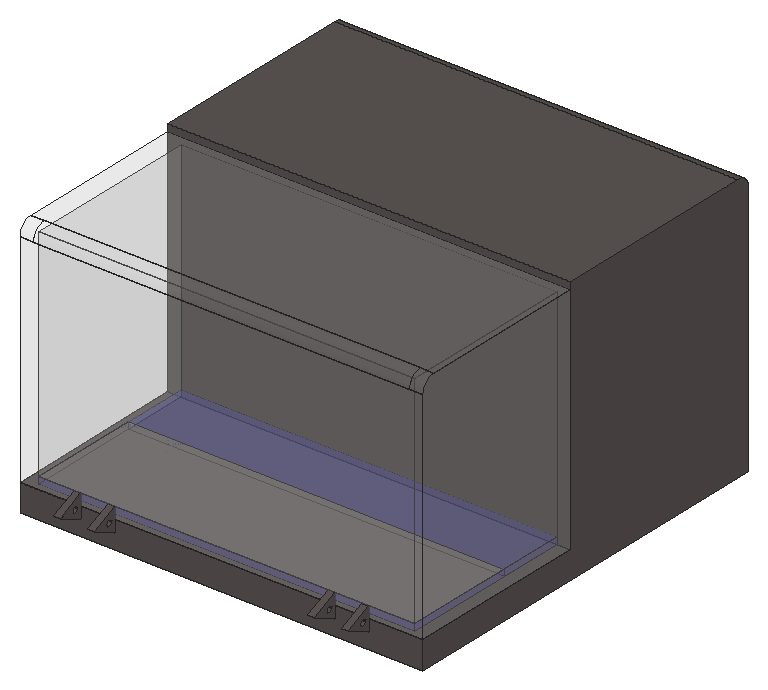
Revit family "PGM3", category Lighting Fixtures, host Face, Revit 2021
Family settings
  Host = Face
  Round Connector Dimension = Use Diameter
  Part Type = Normal
  OmniClass Number = 23.80.70.11
  OmniClass Title = Luminaries for Internal Lighting
  Cut with Voids When Loaded = No
  Light Source = Yes
  Shared = No
  Room Calculation Point = No
Parameters (values of type "PGM3")
  Wattage Comments = "70-250 W"
  Wattage = 9.2903 W
  built-in parameter 1150110 = 1 (stored number, unit not read)
  URL = "https://www.currentlighting.com/exo"
  built-in parameter 1114217 = 1 (stored number, unit not read)
  built-in parameter 1150109 = 1 (stored number, unit not read)
  built-in parameter 1150134 = 3
  built-in parameter 1150113 = 1 (stored number, unit not read)
  Reflector Material = Reflector
  Product Page URL = ""
  Product Documentation Link = ""
  Model = "PGM3"  # constant formula
  Manufacturer = "EXO"  # constant formula
  built-in parameter 1150105 = 109.82 (stored number, unit not read)
  Lumens = 1380 lm
  built-in parameter 1150115 = 1 (stored number, unit not read)
  Light Source Symbol Size = 5"
  built-in parameter 1150137 = (empty or 0)
  built-in parameter 1150139 = (empty or 0)
  built-in parameter 1150112 = 1 (stored number, unit not read)
  built-in parameter 1150114 = 1 (stored number, unit not read)
  Lamp = "One"
  Opal lens = Etched Glass
  built-in parameter 1150132 = (empty or 0)
  built-in parameter 1150102 = (empty or 0)
  built-in parameter 1150107 = 3200 (stored number, unit not read)
  built-in parameter 1150138 = (empty or 0)
  built-in parameter 1150106 = 1.0982 (stored number, unit not read)
  built-in parameter 1150104 = 13.8 (stored number, unit not read)
  Dimming Lamp Color Temperature Shift = <None>
  Description = "Perimaliter PGM3"  # constant formula
  Default Elevation = 48"
  Finish = Bronze
  D = 6 13/16"
  Color Filter = 16777215
  C = 8"
  built-in parameter 1114218 = 1 (stored number, unit not read)
  B = 15"
  built-in parameter 1150133 = 10 (stored number, unit not read)
  A = 14 7/8"
Reference planes (in)
  plane 1 "Center (Front/Back)": y = 0
  plane 2: z = 0
  plane 3 "Center (Left/Right)": x = 0
  plane 4: z = 9.875
  plane 5: x = -7.4375
  plane 6: y = 7.5
  plane 7: y = -7.5
  plane 8: x = 7.4375
  plane 9: x = -6.9375
  plane 10: x = 6.9375
  plane 11: x = -5.4375
  plane 12: x = -5.1875
  plane 13: x = -4.6875
  plane 14: z = 9.60985
Forms (in)
  Extrusion 1, solid, material "Bronze" <- "Finish"
    sketch origin (0, 0, 0) x (0, 1, 0) y (0, 0, 1)
      loop
        line (-7.5, 0) -> (7.5, 0) -> (7.5, 9.375)
        arc (7.5, 9.375) -> (7.35355, 9.72855) -> (7, 9.875) r 0.5
        line (7, 9.875) -> (-0.6875, 9.875) -> (-0.6875, 1) -> (-7.5, 1) -> (-7.5, 0)
    from -7.4375 to 7.4375
  Extrusion 2, solid, material "Etched Glass" <- "Opal lens"
    sketch origin (0, 0, 0) x (0, 1, 0) y (0, 0, 1)
      loop
        line (-3.125, 1) -> (-3.125, 1.25) -> (-7.25, 1.25) -> (-7.25, 9.35985) -> (-0.6875, 9.35985) -> (-0.6875, 9.60985) -> (-7, 9.60985)
        arc (-7, 9.60985) -> (-7.35355, 9.4634) -> (-7.5, 9.10985) r 0.5
        line (-7.5, 9.10985) -> (-7.5, 1) -> (-3.125, 1)
    from -6.9375 to 6.9375
  Extrusion 3, solid, material "Etched Glass" <- "Opal lens"
    sketch origin (0, 0, 0) x (0, 1, 0) y (0, 0, 1)
      loop
        line (-0.6875, 9.60985) -> (-7, 9.60985)
        arc (-7, 9.60985) -> (-7.35355, 9.4634) -> (-7.5, 9.10985) r 0.5
        line (-7.5, 9.10985) -> (-7.5, 1) -> (-0.6875, 1) -> (-0.6875, 9.60985)
    from 6.9375 to 7.4375
  Extrusion 4, solid, material "Etched Glass" <- "Opal lens"
    sketch origin (0, 0, 0) x (0, 1, 0) y (0, 0, -1)
      loop
        line (-0.6875, -9.60985) -> (-0.6875, -1) -> (-7.5, -1) -> (-7.5, -9.10985)
        arc (-7.5, -9.10985) -> (-7.35355, -9.4634) -> (-7, -9.60985) r 0.5
        line (-7, -9.60985) -> (-0.6875, -9.60985)
    from 6.9375 to 7.4375
  Extrusion 5, solid, material "Bronze" <- "Finish"
    sketch origin (0, 0, -0.06651) x (0, 1, 0) y (0, 0, 1)
      loop
        line (-7.5, 1.49444) -> (-8.4543, 1.08357) -> (-7.5, 0.63857) -> (-7.5, 1.49444)
    from -5.4375 to -5.1875
  Extrusion 6, solid, material "Bronze" <- "Finish"
    sketch origin (-9.375, 0, -0.06651) x (0, 1, 0) y (0, 0, -1)
      loop
        line (-7.5, -1.49444) -> (-7.5, -0.63857) -> (-8.4543, -1.08357) -> (-7.5, -1.49444)
    from -5.4375 to -5.1875
  Extrusion 7, solid, material "Bronze" <- "Finish"
    sketch origin (9.375, 0, -0.06651) x (0, 1, 0) y (0, 0, 1)
      loop
        line (-7.5, 1.49444) -> (-8.4543, 1.08357) -> (-7.5, 0.63857) -> (-7.5, 1.49444)
    from -5.4375 to -5.1875
  Extrusion 8, solid, material "Bronze" <- "Finish"
    sketch origin (0, 0, -0.06651) x (0, 1, 0) y (0, 0, -1)
      loop
        line (-7.5, -1.49444) -> (-7.5, -0.63857) -> (-8.4543, -1.08357) -> (-7.5, -1.49444)
    from -5.4375 to -5.1875
  Extrusion 9, solid, material "Bronze" <- "Finish"
    sketch origin (0, 0, 0) x (1, 0, 0) y (0, 1, 0)
      loop
        line (-4.6875, 7.5) -> (-4.4375, 7.5) -> (-4.55494, 7.84841)
        arc (-4.55494, 7.84841) -> (-4.70077, 7.91096) -> (-4.82421, 7.81125) r 0.15373
        line (-4.82421, 7.81125) -> (-4.9375, 7.5) -> (-4.6875, 7.5)
      loop
        circle (-4.67662, 7.65971) r 0.09485
      loop
        line (4.6875, 7.5) -> (4.9375, 7.5) -> (4.82421, 7.81125)
        arc (4.82421, 7.81125) -> (4.70077, 7.91096) -> (4.55494, 7.84841) r 0.15373
        line (4.55494, 7.84841) -> (4.4375, 7.5) -> (4.6875, 7.5)
      loop
        circle (4.67662, 7.65971) r 0.09485
    from 0.76377 to 1.11622
  Extrusion 10, void
    sketch origin (0, 0, 0) x (0, -1, 0) y (0, 0, 1)
      loop
        circle (7.78553, 0.99358) r 0.12328
    from -5.4375 to 5.4375
  Extrusion 11, solid, material "Reflector" <- "Reflector Material"
    sketch origin (0, 0, 0) x (0, 1, 0) y (0, 0, 1)
      loop
        line (-0.6875, 1.25) -> (-7.25, 1.25) -> (-7.25, 1) -> (-0.6875, 1) -> (-0.6875, 1.25)
    from -6.9375 to 6.9375
Cuts and joins
  joined: Extrusion 2, Extrusion 3, Extrusion 4
  Extrusion 10 cuts Extrusion 5
  Extrusion 10 cuts Extrusion 6
  Extrusion 10 cuts Extrusion 7
  Extrusion 10 cuts Extrusion 8
Dimensions and locks (in)
  plane 4 to host face = 9 7/8"
  plane 3 "Center (Left/Right)" to plane 5 = 7 7/16"
  Extrusion 1 sketch curve to Extrusion 1 sketch curve to Extrusion 1 sketch curve = 8 7/8", 1" locked
  level to Extrusion 1 = 9 7/8"
  "B": plane 6 to plane 7
  "D": Extrusion 1 to plane 7
  Extrusion 2 sketch curve to Extrusion 2 sketch curve to Extrusion 2 sketch curve = 1/4" locked, 8.10985"
  locked: Extrusion 2 sketch curve to Extrusion 2 sketch curve at 0.25
  "A": plane 5 to plane 8
  locked: cut or joined group of Extrusion 2, Extrusion 3, Extrusion 4 to plane 11 at 2
  plane 1 "Center (Front/Back)" to Extrusion 4 = 7 1/2"
  Extrusion 4 sketch curve to Extrusion 4 sketch curve = 8.60985"
  aligned and locked: plane 2 to host face
  aligned and locked: level to host face
  aligned and locked: Extrusion 1 sketch curve to plane 4
  aligned and locked: Extrusion 1 sketch curve to plane 6
  aligned and locked: Extrusion 1 to plane 5
  aligned and locked: Extrusion 1 to plane 8
  aligned and locked: Extrusion 1 to Extrusion 3
  aligned and locked: Extrusion 4 to plane 5
  aligned and locked: Extrusion 2 to Extrusion 3  (x2)
  aligned and locked: plane 7 to Extrusion 1 sketch curve
  aligned and locked: Extrusion 1 sketch curve to plane 7
  aligned and locked: Extrusion 4 sketch curve to plane 7
  aligned and locked: Extrusion 4 to Extrusion 2  (x2)
  aligned and locked: Extrusion 4 to plane 9
  aligned and locked: Extrusion 3 to plane 10
  aligned and locked: plane 11 to Extrusion 5
  aligned and locked: Extrusion 5 to plane 12
  aligned and locked: plane 6 to Extrusion 1
  aligned and locked: plane 3 "Center (Left/Right)" to imposter light
  aligned and locked: Extrusion 8 to Extrusion 10
  aligned and locked: Extrusion 5 to Extrusion 10
  aligned and locked: Extrusion 2 to Extrusion 1
  aligned and locked: Extrusion 1 to host face
  aligned and locked: Extrusion 4 to Extrusion 1
  aligned and locked: cut or joined group of Extrusion 2, Extrusion 3, Extrusion 4 to Extrusion 1
  aligned and locked: Extrusion 4 sketch curve to Extrusion 1
  aligned and locked: Extrusion 3 sketch curve to cut or joined group of Extrusion 2, Extrusion 3, Extrusion 4
  aligned and locked: Extrusion 11 to Extrusion 1
Automatic sketch dimensions
  host sketch curve to host sketch curve = 96"  (x2)
  plane 1 "Center (Front/Back)" to Extrusion 1 sketch curve = 11/16"
  Extrusion 1 sketch curve to plane 6 = 1/2"
  Extrusion 2 sketch curve to plane 7 = 0"
  Extrusion 2 sketch curve to plane 7 = 1/4"
  Extrusion 2 sketch curve to Extrusion 2 sketch curve = 1/4"
  Extrusion 4 sketch curve to plane 7 = 1/2"
  plane 7 to Extrusion 5 sketch curve = 0.9543"
  level to Extrusion 5 sketch curve = 0.57207"
  level to Extrusion 5 sketch curve = 1.01706"
  Extrusion 5 sketch curve to Extrusion 5 sketch curve = 0.85587"
  Extrusion 6 sketch curve to plane 7 = 0"
  plane 7 to Extrusion 6 sketch curve = 0.9543"
  level to Extrusion 6 sketch curve = 1.42793"
  level to Extrusion 6 sketch curve = 1.01706"
  level to Extrusion 6 sketch curve = 0.57207"
  Extrusion 7 sketch curve to plane 7 = 0"
  plane 7 to Extrusion 7 sketch curve = 0.9543"
  level to Extrusion 7 sketch curve = 0.57207"
  level to Extrusion 7 sketch curve = 1.01706"
  Extrusion 7 sketch curve to Extrusion 7 sketch curve = 0.85587"
  Extrusion 8 sketch curve to plane 7 = 0"
  plane 7 to Extrusion 8 sketch curve = 0.9543"
  level to Extrusion 8 sketch curve = 1.42793"
  level to Extrusion 8 sketch curve = 1.01706"
  level to Extrusion 8 sketch curve = 0.57207"
  Extrusion 9 sketch curve to plane 6 = 0"  (x2)
  Extrusion 9 sketch curve to plane 13 = 0"
  Extrusion 9 sketch curve to plane 13 = 35/256"
  Extrusion 9 sketch curve to Extrusion 9 sketch curve = 1/4"  (x2)
  plane 13 to Extrusion 9 sketch curve = 0.00774"
  plane 13 to Extrusion 9 sketch curve = 0.01088"
  plane 13 to Extrusion 9 sketch curve = 0.13256"
  plane 13 to Extrusion 9 sketch curve = 1/4"
  Extrusion 9 sketch curve to plane 10 = 2 1/2"
  plane 6 to Extrusion 9 sketch curve = 0.34841"
  Extrusion 9 sketch curve to Extrusion 9 sketch curve = 0.11744"
  Extrusion 9 sketch curve to Extrusion 9 sketch curve = 0.12167"
  Extrusion 9 sketch curve to Extrusion 9 sketch curve = 0.00314"
  Extrusion 9 sketch curve to Extrusion 9 sketch curve = 0.01088"
  Extrusion 9 sketch curve to Extrusion 9 sketch curve = 0.14446"
  plane 6 to Extrusion 9 sketch curve = 0.15971"  (x2)
  Extrusion 9 sketch curve to Extrusion 9 sketch curve = 0.09896"  (x2)
  Extrusion 9 sketch curve to Extrusion 9 sketch curve = 0.05258"
  plane 7 to Extrusion 10 sketch curve = 0.28553"
  level to Extrusion 10 sketch curve = 0.99358"
  plane 1 "Center (Front/Back)" to Extrusion 2 sketch curve = 11/16"
  plane 1 "Center (Front/Back)" to Extrusion 2 sketch curve = 3 1/8"
  plane 1 "Center (Front/Back)" to Extrusion 4 sketch curve = 11/16"
  Extrusion 5 sketch curve to plane 7 = 0"
  Extrusion 11 sketch curve to plane 7 = 1/4"
  plane 1 "Center (Front/Back)" to Extrusion 11 sketch curve = 11/16"
  level to Extrusion 11 sketch curve = 1"
  Extrusion 11 sketch curve to Extrusion 11 sketch curve = 1/4"
  level to Extrusion 2 sketch curve = 1"
  Extrusion 3 sketch curve to plane 7 = 0"
  Extrusion 3 sketch curve to plane 4 = 0.26515"
  Extrusion 3 sketch curve to plane 7 = 1/2"
  level to Extrusion 3 sketch curve = 1"
  radius of Extrusion 9 sketch curve = 0.09485"  (x2)
  radius of Extrusion 10 sketch curve = 0.12328"
Connectors (in)
  electrical at (0, 0, 0), driven by "Description"
    settings: on Extrusion 1, index 1, voltage 0 V, apparent load 0 VA, apparent load phase1 0 VA, apparent load phase2 0 VA, apparent load phase3 0 VA, power factor 1, load classification "Other", number of poles 1, system type 30, power factor state 1, is connector primary yes, connector utility no, sub classification motor no, connector description "Perimaliter PGM3"
